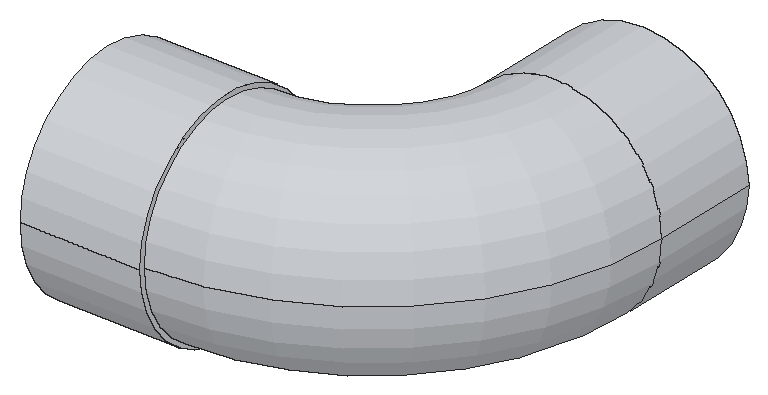
Revit family "Cotovelo de transição - PVC - PW", category Conexões de tubo, Revit 2019
Family settings
  Cota do conector redondo = Usar raio
  Tipo de parte = Cotovelo
  ID de item do Seek = Elbow - Generic-0000-CAN-ENU
  Com base no plano de trabalho = Não
  Sempre na vertical = Sim
  Corte com vazios quando carregada = Não
  Compartilhado = Não
Parameters (values of type "Padrão")
  Tamanho da marca de revisão [instance] = Diâmetro externo da conexão * 0.4  # 35.20 mm
  Raio externo do soquete [instance] = Diâmetro externo do soquete / 2  # 45.75 mm
  Diâmetro externo do soquete [instance] = size_lookup(Nome da tabela de pesquisa, "SOD", 1.0397 * Diâmetro nominal + 0.10 mm, Diâmetro nominal)  # 91.50 mm
  Raio nominal [instance] = 44.00 mm
  Diâmetro nominal [instance] = Raio nominal * 2  # 88.00 mm
  Método de perda = Não definido
  Nome da tabela de pesquisa = "BR_Elbow Transition - PVC - PW"
  Comprimento 2 [instance] = size_lookup(Nome da tabela de pesquisa, "Lgt2", 0.5328 * Diâmetro nominal, Diâmetro nominal)  # 45.00 mm
  K Coefficient Table = (empty or 0)
  Raio externo da conexão [instance] = Diâmetro externo da conexão / 2  # 44.00 mm
  Diâmetro externo da conexão [instance] = size_lookup(Nome da tabela de pesquisa, "FOD", Diâmetro nominal, Diâmetro nominal)  # 88.00 mm
  Description = ""
  Centro para a parte inferior do soquete [instance] = Raio do centro * tan(Ângulo / 2)  # 76.00 mm
  Raio do centro [instance] = size_lookup(Nome da tabela de pesquisa, "CRad", 0.8772 * Diâmetro nominal - 0.90 mm, Diâmetro nominal)  # 76.00 mm
  Comprimento 1 [instance] = size_lookup(Nome da tabela de pesquisa, "Lgt1", 0.5328 * Diâmetro nominal + 5.70 mm, Diâmetro nominal)  # 50.00 mm
  Ângulo [instance] = 90.00°
Reference planes
  plane 1 "Centro (Frente/Trás)": y = 0
  plane 2: z = 0
  plane 3 "Centro (Esquerda/Direita)": x = 0
  plane 4: x = -76
  plane 5: y = 76
  plane 6: y = 35.2
  plane 7: y = -35.2
Forms (mm)
  Sweep 1, solid, detail levels fine
    path in 3D
      loop
        arc (-76, 0, 0) -> (-22.26, 22.26, 0) -> (0, 76, 0) r 76
    profile origin (-22.26, 22.26, 0) x (-0.707107, 0.707107, 0) y (0, 0, 1)
      loop
        circle (0, 0) r 44
  Sweep 2, solid, detail levels fine
    path in 3D
      loop
        line (0, 76, 0) -> (0, 121, 0)
    profile origin (0, 98.5, 0) x (-1, 0, 0) y (0, 0, 1)
      loop
        circle (0, 0) r 44
  Sweep 3, solid, detail levels fine
    path in 3D
      loop
        line (-76, 0, 0) -> (-126, 0, 0)
    profile origin (-101, 0, 0) x (0, -1, 0) y (0, 0, 1)
      loop
        circle (0, 0) r 45.75
Cuts and joins
  joined: Sweep 1, Sweep 2, Sweep 3
Lines and regions (mm)
  reference lines
    curve 1: line (-76, 76, 0) -> (-31.55, 76, 0)
    curve 2: arc (-76, 0, 0) -> (-22.26, 22.26, 0) -> (0, 76, 0) r 76
    curve 3: line (0, 0, 0) -> (0, 19.05, 0)
    curve 4: line (-35.2, 76, 0) -> (-35.2, 35.778, 0)
    curve 5: line (35.2, 0, 0) -> (35.2, 76, 0)
    curve 8: line (-76, 0, 0) -> (-126, 0, 0)
    curve 9: line (0, 76, 0) -> (0, 121, 0)
    curve 12: line (0, 121, 0) -> (0, 117.076, 0)
    curve 13: line (-126, 0, 0) -> (-122.076, 0, 0)
  model lines, detail levels coarse+medium
    curve 6: arc (-76, 0, 0) -> (-22.26, 22.26, 0) -> (0, 76, 0) r 76
    curve 14: line (-126, -35.2, 0) -> (-126, 35.2, 0)
    curve 15: line (-76, 0, 0) -> (-126, 0, 0)
    curve 16: line (-35.2, 121, 0) -> (35.2, 121, 0)
    curve 17: line (0, 76, 0) -> (0, 121, 0)
  sketch lines
    curve 7: arc (-76, 0, 0) -> (-22.26, 22.26, 0) -> (0, 76, 0) r 76
    curve 10: line (0, 76, 0) -> (0, 121, 0)
    curve 11: line (-76, 0, 0) -> (-126, 0, 0)
Dimensions and locks
  "Centro para a parte inferior do soquete": plane 4 to plane 3 "Centro (Esquerda/Direita)"
  "Raio do centro": plane 5 to plane 1 "Centro (Frente/Trás)"
  "Tamanho da marca de revisão": plane 6 to plane 1 "Centro (Frente/Trás)"
  "Tamanho da marca de revisão": plane 7 to plane 1 "Centro (Frente/Trás)"
  "Tamanho da marca de revisão": curve 3 to curve 4
  "Tamanho da marca de revisão": curve 5 to curve 3
  "Comprimento 2": curve 9 to curve 9
  "Comprimento 1": curve 8 to curve 8
  curve 12 to curve 12 = 3.924 mm
  curve 13 to curve 13 = 3.924 mm
  "Raio do centro": radius of curve 2
  "Raio externo da conexão": radius of Sweep 1 sketch curve
  "Raio externo da conexão": radius of Sweep 2 sketch curve
  "Raio externo do soquete": radius of Sweep 3 sketch curve
  "Ângulo": angle plane 4 to curve 1
  "Ângulo": angle curve 2 to curve 2
  "Ângulo": angle plane 1 "Centro (Frente/Trás)" to curve 3
  "Ângulo": angle curve 6 to curve 6
  angle curve 9 to curve 1 = 90.00°
  angle curve 12 to curve 1 = 90.00°
  angle curve 16 to curve 5 = 90.00°
  angle curve 17 to curve 1 = 90.00°
  aligned and locked: plane 4 to curve 1
  aligned and locked: plane 5 to curve 1
  aligned and locked: plane 5 to curve 2
  aligned and locked: plane 4 to curve 2  (x2)
  aligned and locked: plane 1 "Centro (Frente/Trás)" to curve 3
  aligned and locked: plane 3 "Centro (Esquerda/Direita)" to curve 3
  aligned and locked: curve 6 to curve 2
  aligned and locked: plane 6 to curve 14
  aligned and locked: plane 7 to curve 14
  aligned and locked: curve 14 to curve 13
  aligned and locked: curve 5 to curve 16
  aligned and locked: curve 16 to curve 4
  aligned and locked: curve 16 to curve 12
Automatic sketch dimensions
  Sweep 1 sketch curve to profile plane = 0.00 mm
  profile plane to Sweep 1 sketch curve = 0.00 mm
  curve 1 to curve 5 = 0.00 mm
  curve 1 to curve 4 = 0.00 mm
  curve 3 to curve 5 = 0.00 mm
  curve 4 to curve 1 = 40.222 mm
  Sweep 2 sketch curve to profile plane = 0.00 mm  (x2)
  Sweep 3 sketch curve to profile plane = 0.00 mm  (x2)
Connectors
  piping at (-126, 0, 0), diameter 88, driven by "Raio nominal", driven by "Ângulo"
    settings: on cut or joined group of Sweep 1, Sweep 2, Sweep 3, index 1, connector inside diameter 88.00 mm, connector length 0.00 mm, flow factor 0, pipe flow 0.0 L/s, pressure drop 0.0 Pa, fitting loss kfactor 0, connector angle 90.00°, fixture units 0, engagement length 0.00 mm, angle of deflection 0.00°, flow configuration 0, flow direction 0, fitting loss method 0, system type 28, joint type 0, gender type 0, connector reference index 2, connector utility 0, adjustable connector no, is connector primary yes, connector description ""
  piping at (0, 121, 0), diameter 88, driven by "Ângulo", driven by "Raio nominal"
    settings: on cut or joined group of Sweep 1, Sweep 2, Sweep 3, index 2, connector inside diameter 88.00 mm, connector length 0.00 mm, flow factor 0, pipe flow 0.0 L/s, pressure drop 0.0 Pa, fitting loss kfactor 0, connector angle 90.00°, fixture units 0, engagement length 0.00 mm, angle of deflection 0.00°, flow configuration 0, flow direction 0, fitting loss method 0, system type 28, joint type 0, gender type 0, connector reference index 1, connector utility 0, adjustable connector no, is connector primary no, connector description ""
